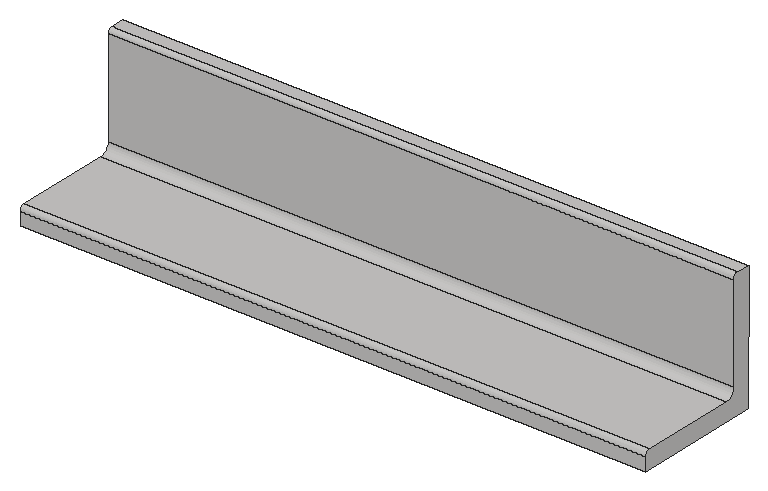
Revit family "NLRS_28_SFR_LEQ", category Structural Framing, Revit 2020
Family settings
  Structural Framing Length Roundoff = 0.10 mm
  Section Shape = L-angle
  Material for Model Behavior = Steel
  Always export as geometry = No
  Code Name = EN 10056-1; DIN EN 10056-1
  Always vertical = Yes
  Cut with Voids When Loaded = No
  Symbolic Representation = From Project Settings
  Shared = No
  Show family pre-cut in plan views = Yes
Parameters (values of type "L250/35")
  Width = 250.00 mm
  Web Thickness = 35.00 mm
  Web Fillet = 18 mm
  Warping Constant = (empty or 0)
  Torsional Moment of Inertia = 0 cm⁴
  Top Web Fillet = 9 mm
  Structural Material [instance] = h3_Structural Steel - S235
  Section Name Key = "L250X35"
  Section Area = 163.0 cm²
  Principal Axes Angle = 45.00°
  Plastic Modulus weak axis = 0 cm³
  Plastic Modulus strong axis = 0 cm³
  Perimeter = (empty or 0)
  Nominal Weight = 1255.2 N/m
  Moment of Inertia weak axis = 9260 cm⁴
  Moment of Inertia strong axis = 9260 cm⁴
  Length [instance] = 1524.00 mm
  Keynote = ""
  Height = 250.00 mm
  Flange Thickness = 35 mm
  Flange Fillet = 9 mm
  Elastic Modulus weak axis = 529 cm³
  Elastic Modulus strong axis = 529 cm³
  Centroid Vertical = 75.00 mm
  Centroid Horizontal = 75.00 mm
  Bolt Spacing Shorter Flange = 0 mm
  Bolt Spacing 2 Longer Flange = 0 mm
  Bolt Spacing 1 Longer Flange = 0 mm
  Assembly Code = "2B(28.10)"
Types (44, lengths in mm): name | Width | Web Thickness | Web Fillet | Top Web Fillet | Section Name Key | Section Area | Nominal Weight | Moment of Inertia weak axis | Moment of Inertia strong axis | Height | Flange Thickness | Flange Fillet | Elastic Modulus weak axis | Elastic Modulus strong axis | Centroid Vertical | Centroid Horizontal | Bolt Spacing Shorter Flange | Bolt Spacing 2 Longer Flange | Bolt Spacing 1 Longer Flange
  L250/35 | 250.00 | 35.00 | 18 | 9 | "L250X35" | 163.0 cm² | 1255.2 N/m | 9260 cm⁴ | 9260 cm⁴ | 250.00 | 35 | 9 | 529 cm³ | 529 cm³ | 75.00 | 75.00 | 0 | 0 | 0
  L250/28 | 250.00 | 28.00 | 18 | 9 | "L250X28" | 133.0 cm² | 1019.9 N/m | 7700 cm⁴ | 7700 cm⁴ | 250.00 | 28 | 9 | 433 cm³ | 433 cm³ | 72.40 | 72.40 | 81 | 166 | 81
  L200/24 | 200.00 | 24.00 | 18 | 9 | "L200X24" | 90.6 cm² | 697.25 N/m | 3331 cm⁴ | 3331 cm⁴ | 200.00 | 24 | 9 | 235 cm³ | 235 cm³ | 58.40 | 58.40 | 77 | 144 | 77
  L200/20 | 200.00 | 20.00 | 18 | 9 | "L200X20" | 76.3 cm² | 587.42 N/m | 2851 cm⁴ | 2851 cm⁴ | 200.00 | 20 | 9 | 199 cm³ | 199 cm³ | 56.80 | 56.80 | 73 | 140 | 73
  L200/18 | 200.00 | 18.00 | 18 | 9 | "L200X18" | 69.1 cm² | 532.5 N/m | 2600 cm⁴ | 2600 cm⁴ | 200.00 | 18 | 9 | 181 cm³ | 181 cm³ | 56.00 | 56.00 | 71 | 138 | 71
  L200/16 | 200.00 | 16.00 | 18 | 9 | "L200X16" | 61.8 cm² | 475.62 N/m | 2342 cm⁴ | 2342 cm⁴ | 200.00 | 16 | 9 | 162 cm³ | 162 cm³ | 55.20 | 55.20 | 69 | 136 | 69
  L180/18 | 180.00 | 18.00 | 18 | 9 | "L180X18" | 61.9 cm² | 476.6 N/m | 1870 cm⁴ | 1870 cm⁴ | 180.00 | 18 | 9 | 145 cm³ | 145 cm³ | 51.00 | 51.00 | 71 | 138 | 71
  L180/16 | 180.00 | 16.00 | 18 | 9 | "L180X16" | 55.4 cm² | 426.59 N/m | 1680 cm⁴ | 1680 cm⁴ | 180.00 | 16 | 9 | 130 cm³ | 130 cm³ | 50.20 | 50.20 | 69 | 136 | 69
  L160/15 | 160.00 | 15.00 | 18 | 9 | "L160X15" | 46.1 cm² | 355 N/m | 1100 cm⁴ | 1100 cm⁴ | 160.00 | 15 | 9 | 95.6 cm³ | 95.6 cm³ | 44.90 | 44.90 | 64 | 124 | 64
  L150/15 | 150.00 | 15.00 | 16 | 8 | "L150X15" | 43.0 cm² | 331.46 N/m | 898 cm⁴ | 898 cm⁴ | 150.00 | 15 | 8 | 83.5 cm³ | 83.5 cm³ | 42.50 | 42.50 | 66 | 0 | 66
  L150/12 | 150.00 | 12.00 | 16 | 8 | "L150X12" | 34.8 cm² | 267.72 N/m | 737 cm⁴ | 737 cm⁴ | 150.00 | 12 | 8 | 67.7 cm³ | 67.7 cm³ | 41.20 | 41.20 | 60 | 120 | 60
  L150/10 | 150.00 | 10.00 | 16 | 8 | "L150X10" | 29.3 cm² | 225.55 N/m | 624 cm⁴ | 624 cm⁴ | 150.00 | 10 | 8 | 56.9 cm³ | 56.9 cm³ | 40.30 | 40.30 | 58 | 118 | 58
  L130/12 | 130.00 | 12.00 | 14 | 7 | "L130X12" | 30.0 cm² | 231.44 N/m | 472 cm⁴ | 472 cm⁴ | 130.00 | 12 | 7 | 50.4 cm³ | 50.4 cm³ | 36.40 | 36.40 | 61 | 0 | 61
  L120/12 | 120.00 | 12.00 | 13 | 6.5 | "L120X12" | 27.5 cm² | 211.82 N/m | 368 cm⁴ | 368 cm⁴ | 120.00 | 12 | 6.5 | 42.7 cm³ | 42.7 cm³ | 34.00 | 34.00 | 60 | 0 | 60
  L120/10 | 120.00 | 10.00 | 13 | 6.5 | "L120X10" | 23.2 cm² | 178.48 N/m | 313 cm⁴ | 313 cm⁴ | 120.00 | 10 | 6.5 | 36 cm³ | 36 cm³ | 33.10 | 33.10 | 60 | 0 | 60
  L100/12 | 100.00 | 12.00 | 12 | 6 | "L100X12" | 22.7 cm² | 174.56 N/m | 207 cm⁴ | 207 cm⁴ | 100.00 | 12 | 6 | 29.1 cm³ | 29.1 cm³ | 29.00 | 29.00 | 59 | 0 | 59
  L100/10 | 100.00 | 10.00 | 12 | 6 | "L100X10" | 19.2 cm² | 147.1 N/m | 177 cm⁴ | 177 cm⁴ | 100.00 | 10 | 6 | 24.6 cm³ | 24.6 cm³ | 28.20 | 28.20 | 57 | 0 | 57
  L100/8 | 100.00 | 8.00 | 12 | 6 | "L100X8" | 15.5 cm² | 119.64 N/m | 145 cm⁴ | 145 cm⁴ | 100.00 | 8 | 6 | 19.9 cm³ | 19.9 cm³ | 27.40 | 27.40 | 55 | 0 | 55
  L90/10 | 90.00 | 10.00 | 11 | 5.5 | "L90X10" | 17.1 cm² | 131.41 N/m | 127 cm⁴ | 127 cm⁴ | 90.00 | 10 | 5.5 | 19.8 cm³ | 19.8 cm³ | 25.80 | 25.80 | 56 | 0 | 56
  L90/9 | 90.00 | 9.00 | 11 | 5.5 | "L90X9" | 15.5 cm² | 119.64 N/m | 116 cm⁴ | 116 cm⁴ | 90.00 | 9 | 5.5 | 17.9 cm³ | 17.9 cm³ | 25.40 | 25.40 | 55 | 0 | 55
  L90/8 | 90.00 | 8.00 | 11 | 5.5 | "L90X8" | 13.9 cm² | 106.89 N/m | 104 cm⁴ | 104 cm⁴ | 90.00 | 8 | 5.5 | 16.1 cm³ | 16.1 cm³ | 25.00 | 25.00 | 54 | 0 | 54
  L90/7 | 90.00 | 7.00 | 11 | 5.5 | "L90X7" | 12.2 cm² | 94.242 N/m | 92.6 cm⁴ | 92.6 cm⁴ | 90.00 | 7 | 5.5 | 14.1 cm³ | 14.1 cm³ | 24.50 | 24.50 | 53 | 0 | 53
  L80/10 | 80.00 | 10.00 | 10 | 5 | "L80X10" | 15.1 cm² | 116.7 N/m | 87.5 cm⁴ | 87.5 cm⁴ | 80.00 | 10 | 5 | 15.4 cm³ | 15.4 cm³ | 23.40 | 23.40 | 46 | 0 | 46
  L80/8 | 80.00 | 8.00 | 10 | 5 | "L80X8" | 12.3 cm² | 94.438 N/m | 72.2 cm⁴ | 72.2 cm⁴ | 80.00 | 8 | 5 | 12.6 cm³ | 12.6 cm³ | 22.60 | 22.60 | 50 | 0 | 50
  L75/8 | 75.00 | 8.00 | 9 | 4.5 | "L75X8" | 11.4 cm² | 88.161 N/m | 59.1 cm⁴ | 59.1 cm⁴ | 75.00 | 8 | 4.5 | 11 cm³ | 11 cm³ | 21.40 | 21.40 | 43 | 0 | 43
  L75/6 | 75.00 | 6.00 | 9 | 4.5 | "L75X6" | 8.73 cm² | 67.175 N/m | 45.8 cm⁴ | 45.8 cm⁴ | 75.00 | 6 | 4.5 | 8.41 cm³ | 8.41 cm³ | 20.50 | 20.50 | 0 | 0 | 0
  L70/7 | 70.00 | 7.00 | 9 | 4.5 | "L70X7" | 9.4 cm² | 72.373 N/m | 42.3 cm⁴ | 42.3 cm⁴ | 70.00 | 7 | 4.5 | 8.41 cm³ | 8.41 cm³ | 19.70 | 19.70 | 42 | 0 | 42
  L70/6 | 70.00 | 6.00 | 9 | 4.5 | "L70X6" | 8.13 cm² | 62.566 N/m | 36.9 cm⁴ | 36.9 cm⁴ | 70.00 | 6 | 4.5 | 7.27 cm³ | 7.27 cm³ | 19.30 | 19.30 | 41 | 0 | 41
  L65/7 | 65.00 | 7.00 | 9 | 4.5 | "L65X7" | 8.73 cm² | 66.979 N/m | 33.4 cm⁴ | 33.4 cm⁴ | 65.00 | 7 | 4.5 | 7.18 cm³ | 7.18 cm³ | 20.50 | 20.50 | 42 | 0 | 42
  L60/8 | 60.00 | 8.00 | 8 | 4 | "L60X8" | 9.03 cm² | 69.529 N/m | 29.2 cm⁴ | 29.2 cm⁴ | 60.00 | 8 | 4 | 6.89 cm³ | 6.89 cm³ | 17.70 | 17.70 | 38 | 0 | 38
  L60/6 | 60.00 | 6.00 | 8 | 4 | "L60X6" | 6.91 cm² | 53.152 N/m | 22.8 cm⁴ | 22.8 cm⁴ | 60.00 | 6 | 4 | 5.29 cm³ | 5.29 cm³ | 16.90 | 16.90 | 36 | 0 | 36
  L60/5 | 60.00 | 5.00 | 8 | 4 | "L60X5" | 5.82 cm² | 44.816 N/m | 19.4 cm⁴ | 19.4 cm⁴ | 60.00 | 5 | 4 | 4.45 cm³ | 4.45 cm³ | 16.40 | 16.40 | 35 | 0 | 35
  L50/6 | 50.00 | 6.00 | 7 | 3.5 | "L50X6" | 5.69 cm² | 43.836 N/m | 12.8 cm⁴ | 12.8 cm⁴ | 50.00 | 6 | 3.5 | 3.61 cm³ | 3.61 cm³ | 14.50 | 14.50 | 35 | 0 | 35
  L50/5 | 50.00 | 5.00 | 7 | 3.5 | "L50X5" | 4.8 cm² | 36.971 N/m | 11 cm⁴ | 11 cm⁴ | 50.00 | 5 | 3.5 | 3.05 cm³ | 3.05 cm³ | 14.00 | 14.00 | 35 | 0 | 35
  L50/4 | 50.00 | 4.00 | 7 | 2.5 | "L50X4" | 3.89 cm² | 30.008 N/m | 8.97 cm⁴ | 8.97 cm⁴ | 50.00 | 4 | 2.5 | 2.46 cm³ | 2.46 cm³ | 13.60 | 13.60 | 0 | 0 | 0
  L45/4.5 | 45.00 | 4.50 | 7 | 3.5 | "L45x4.5" | 3.9 cm² | 30.008 N/m | 7.14 cm⁴ | 7.14 cm⁴ | 45.00 | 4.5 | 3.5 | 2.2 cm³ | 2.2 cm³ | 12.50 | 12.50 | 0 | 0 | 0
  L40/5 | 40.00 | 5.00 | 6 | 3 | "L40X5" | 3.79 cm² | 29.126 N/m | 5.43 cm⁴ | 5.43 cm⁴ | 40.00 | 5 | 3 | 1.91 cm³ | 1.91 cm³ | 11.60 | 11.60 | 0 | 0 | 0
  L40/4 | 40.00 | 4.00 | 6 | 3 | "L40X4" | 3.08 cm² | 23.732 N/m | 4.47 cm⁴ | 4.47 cm⁴ | 40.00 | 4 | 3 | 1.55 cm³ | 1.55 cm³ | 11.20 | 11.20 | 0 | 0 | 0
  L35/4 | 35.00 | 4.00 | 5 | 2.5 | "L35X4" | 2.67 cm² | 20.496 N/m | 2.95 cm⁴ | 2.95 cm⁴ | 35.00 | 4 | 2.5 | 1.18 cm³ | 1.18 cm³ | 10.00 | 10.00 | 0 | 0 | 0
  L30/4 | 30.00 | 4.00 | 5 | 2.5 | "L30X3" | 2.27 cm² | 17.456 N/m | 1.8 cm⁴ | 1.8 cm⁴ | 30.00 | 4 | 2.5 | 0.85 cm³ | 0.85 cm³ | 8.78 | 8.78 | 0 | 0 | 0
  L30/3 | 30.00 | 3.00 | 5 | 1.5 | "L30X4" | 1.74 cm² | 13.337 N/m | 1.4 cm⁴ | 1.4 cm⁴ | 30.00 | 3 | 1.5 | 0.649 cm³ | 0.649 cm³ | 8.35 | 8.35 | 0 | 0 | 0
  L25/4 | 25.00 | 4.00 | 3.5 | 1.75 | "L25X4" | 1.85 cm² | 14.22 N/m | 1.02 cm⁴ | 1.02 cm⁴ | 25.00 | 4 | 1.75 | 0.586 cm³ | 0.586 cm³ | 7.62 | 7.62 | 0 | 0 | 0
  L25/3 | 25.00 | 3.00 | 3.5 | 1.75 | "L25X3" | 1.42 cm² | 10.983 N/m | 0.803 cm⁴ | 0.803 cm⁴ | 25.00 | 3 | 1.75 | 0.452 cm³ | 0.452 cm³ | 7.23 | 7.23 | 0 | 0 | 0
  L20/3 | 20.00 | 3.00 | 3.5 | 1.75 | "L20X3" | 1.12 cm² | 8.6494 N/m | 0.392 cm⁴ | 0.392 cm⁴ | 20.00 | 3 | 1.75 | 0.279 cm³ | 0.279 cm³ | 5.98 | 5.98 | 0 | 0 | 0
Reference planes
  plane 1 "Center (Front/Back)": y = 0
  plane 2: z = 0
  plane 3 "Center (Left/Right)": x = 4.61
  plane 4 "Member Left": x = -604.99
  plane 5 "Member Right": x = 614.21
  plane 6: y = 75
  plane 7: y = -175
  plane 8: z = -75
  plane 9 "Left": x = -757.39
  plane 10 "Right": x = 766.61
  plane 11: z = 175
Forms (mm)
  Sweep 1, solid, material "h3_Structural Steel - S235" <- "Structural Material", detail levels fine
    path origin (0, 0, 0) x (1, 0, 0) y (0, 1, 0)
      loop
        line (-604.99, 0) -> (614.21, 0)
    profile "Angle-Profile-Fine : Angle-Profile-Fine" origin (4.61, 0, 0) x (0, 1, 0) y (0, 0, 1)
      loop
        line (75, 175) -> (49, 175)
        arc (49, 175) -> (42.636, 172.364) -> (40, 166) r 9
        line (40, 166) -> (40, -22)
        arc (40, -22) -> (34.728, -34.728) -> (22, -40) r 18
        line (22, -40) -> (-166, -40)
        arc (-166, -40) -> (-172.364, -42.636) -> (-175, -49) r 9
        line (-175, -49) -> (-175, -75) -> (75, -75) -> (75, 175)
  Sweep 2, solid, material "h3_Structural Steel - S235" <- "Structural Material", detail levels medium
    path origin (0, 0, 0) x (1, 0, 0) y (0, 1, 0)
      loop
        line (-604.99, 0) -> (614.21, 0)
    profile "Angle-Profile-Medium : Angle-Profile-Medium" origin (4.61, 0, 0) x (0, 1, 0) y (0, 0, 1)
      loop
        line (75, 175) -> (40, 175) -> (40, -40) -> (-175, -40) -> (-175, -75) -> (75, -75) -> (75, 175)
Lines and regions (mm)
  symbolic lines, style "Hidden Faces", detail levels medium+fine
    curve 1: line (-604.99, 0, -40) -> (614.21, 0, -40)
    curve 2: line (-604.99, 40, 0) -> (614.21, 40, 0)
  symbolic lines, style "Stick Symbols", detail levels coarse
    curve 3: line (4.61, 75, -75) -> (4.61, -175, -75)
    curve 4: line (4.61, 75, 175) -> (4.61, 75, -75)
Dimensions and locks
  "Width": plane 6 to plane 7
  "Centroid Horizontal": plane 6 to plane 1 "Center (Front/Back)"
  "Length": plane 9 "Left" to plane 10 "Right"
  "Web Thickness": plane 6 to curve 2
  "Centroid Vertical": plane 8 to level
  "Height": plane 8 to plane 11
  aligned and locked: plane 4 "Member Left" to curve 2
  aligned and locked: plane 5 "Member Right" to curve 2
  aligned and locked: plane 4 "Member Left" to curve 1
  aligned and locked: plane 5 "Member Right" to curve 1
  aligned and locked: plane 5 "Member Right" to Sweep 1 sketch curve
  aligned and locked: plane 1 "Center (Front/Back)" to Sweep 1 sketch curve
  aligned and locked: plane 4 "Member Left" to Sweep 1 sketch curve
  aligned and locked: plane 4 "Member Left" to Sweep 2 sketch curve
  aligned and locked: plane 1 "Center (Front/Back)" to Sweep 2 sketch curve
  aligned and locked: plane 5 "Member Right" to Sweep 2 sketch curve
  aligned and locked: plane 8 to curve 3
  aligned and locked: plane 7 to curve 3
  aligned and locked: plane 6 to curve 4
  aligned and locked: plane 11 to curve 4
  aligned and locked: curve 1 to Sweep 2
  aligned and locked: plane 11 to Sweep 2
  aligned and locked: plane 6 to Sweep 2
  aligned and locked: plane 8 to Sweep 2
  aligned and locked: Sweep 2 to plane 7
  aligned and locked: plane 6 to Sweep 1
  aligned and locked: plane 8 to Sweep 1
  aligned and locked: Sweep 1 to plane 7
